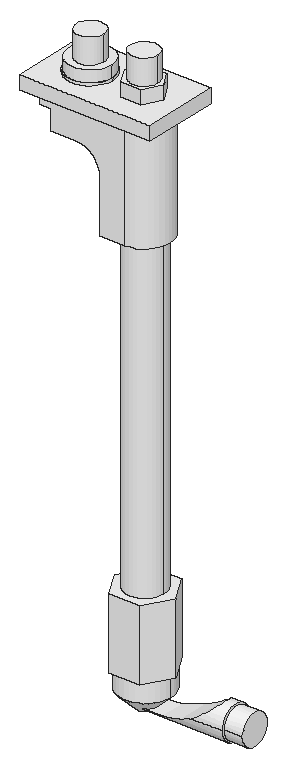
Revit family "HY-1000", category Plumbing Fixtures, host Face, Revit 2026
Family settings
  Host = Face
  Round Connector Dimension = Use Diameter
  Part Type = Normal
  Classification Number = 23.45.55.21
  Enable Cutting in Views = No
  Cut with Voids When Loaded = No
  Maintain Annotation Orientation = No
  Shared = No
  Room Calculation Point = No
Parameters (values of type "MHY-10-14")
  Wall Thikness = 14.000"
  WFU = 0
  URL = "www.mifab.com"
  Model = "MHY-10"
  Manufacturer = "MIFAB"
  Hydrant Material = Chrome Plated
  Description = "Non-Freeze Wall Hydrant"
  Default Elevation = 0.000"
Types (12): name | Wall Thikness
  (no name) | 14.000"
  MHY-10-4 | 4.000"
  MHY-10-6 | 6.000"
  MHY-10-8 | 8.000"
  MHY-10-10 | 10.000"
  MHY-10-12 | 12.000"
  MHY-10-14 | 14.000"
  MHY-10-16 | 16.000"
  MHY-10-18 | 18.000"
  MHY-10-20 | 20.000"
  MHY-10-22 | 22.000"
  MHY-10-24 | 24.000"
Reference planes (in)
  plane 1 "Center (Front/Back)": y = 0
  plane 2: z = 0
  plane 3 "Center (Left/Right)": x = 0
  plane 4: z = -15.7
  plane 5: z = -19.2
  plane 6: z = -1.7
  plane 7: z = -5.364
  plane 8: x = 0.966
Forms (in)
  Extrusion 1, solid, material "Chrome Plated" <- "Hydrant Material"
    sketch origin (-0.41379, 0, -10.36788) x (1, 0, 0) y (0, 1, 0)
      loop
        circle (1.38, 0) r 0.625
    from -5.33212 to 5.00388
  Extrusion 2, solid, material "Chrome Plated" <- "Hydrant Material"
    sketch origin (-0.41379, 0, -18.00514) x (1, 0, 0) y (0, 1, 0)
      loop
        arc (1.38, -0.8125) -> (2.1925, 0) -> (1.38, 0.8125) r 0.8125
        line (1.38, 0.8125) -> (1.38, -0.8125)
    from 12.64114 to 16.30514
  Extrusion 3, solid, material "Chrome Plated" <- "Hydrant Material"
    sketch origin (-0.41379, 0, -18.00514) x (1, 0, 0) y (0, 0, 1)
      loop
        line (-1.398, 16.30514) -> (-1.398, 15.83003) -> (-1.055, 15.78703) -> (-1.055, 15.1529) -> (-0.24047, 15.1529)
        arc (-0.24047, 15.1529) -> (0.31997, 14.92075) -> (0.55211, 14.36031) r 0.79258
        line (0.55211, 14.36031) -> (0.55211, 12.64114) -> (1.38, 12.64114) -> (1.38, 16.30514) -> (-1.398, 16.30514)
    from -0.8125 to 0.8125
  Extrusion 4, solid, material "Chrome Plated" <- "Hydrant Material"
    sketch origin (-0.41379, 0, -10.36788) x (1, 0, 0) y (0, 1, 0)
      loop
        line (-1.71121, -1.25) -> (2.53879, -1.25) -> (2.53879, 1.25) -> (-1.71121, 1.25) -> (-1.71121, -1.25)
    from 8.66788 to 9.11788
  Extrusion 5, solid, material "Chrome Plated" <- "Hydrant Material"
    sketch origin (-10.41379, 0, -10.36788) x (0, 1, 0) y (0, 0, 1)
      loop
        circle (0, -8.28002) r 0.55209
    from 14.36303 to 11.5
  Extrusion 6, void
    sketch origin (-0.94551, 0, -10.42881) x (1, 0, 0) y (0, 0, 1)
      loop
        arc (2.03172, -8.6019) -> (3.49163, -8.39304) -> (4.7131, -7.56661) r 3.28541
        line (4.7131, -7.56661) -> (2.03172, -7.56661) -> (2.03172, -8.6019)
    from -0.8125 to 0.95974
  Extrusion 7, solid, material "Chrome Plated" <- "Hydrant Material"
    sketch origin (-0.95076, 0, -10.36788) x (0, 1, 0) y (0, 0, 1)
      loop
        circle (0, -8.28002) r 0.5
    from 4.9 to 5.5
  Revolve 8, solid, material "Chrome Plated" <- "Hydrant Material"
    sketch origin (0, 0, 0) x (1, 0, 0) y (0, 0, 1)
      loop
        line (0.98038, -15.7) -> (0.13816, -15.7) -> (0.13816, -18.65891) -> (0.69025, -19.2) -> (0.98038, -19.2) -> (0.98038, -15.7)
      axis (0.98038, -15.7) -> (0.98038, -19.2)
    angle from 0 to 360
  Extrusion 9, solid, material "Chrome Plated" <- "Hydrant Material"
    sketch origin (-8.22916, -180, -15.7) x (0, -1, 0) y (-1, 0, 0)
      loop
        line (-180.88671, -9.69718) -> (-179.96366, -10.2301) -> (-179.10612, -9.735) -> (-179.10612, -8.73898) -> (-180, -8.2229) -> (-180.88671, -8.73484) -> (-180.88671, -9.69718)
    from 0 to 2.29542
  Extrusion 10, solid, material "Chrome Plated" <- "Hydrant Material"
    sketch origin (-0.44319, 0, -17.55514) x (1, 0, 0) y (0, 1, 0)
      loop
        circle (-0.38412, 0) r 0.739
    from 16.30514 to 16.37894
  Extrusion 11, solid, material "Chrome Plated" <- "Hydrant Material"
    sketch origin (-0.44319, 0, -17.55514) x (1, 0, 0) y (0, 1, 0)
      loop
        circle (-0.38412, 0) r 0.70723
    from 16.37894 to 16.74065
  Extrusion 12, solid, material "Chrome Plated" <- "Hydrant Material"
    sketch origin (-0.44319, 0, -17.55514) x (1, 0, 0) y (0, 1, 0)
      loop
        circle (-0.38412, 0) r 0.444
    from 16.74065 to 17.55514
  Extrusion 13, solid, material "Chrome Plated" <- "Hydrant Material"
    sketch origin (-0.44319, 0, -17.55514) x (1, 0, 0) y (0, 1, 0)
      loop
        line (0.7505, 0) -> (1.06525, -0.54516) -> (1.69475, -0.54516) -> (2.0095, 0) -> (1.69475, 0.54516) -> (1.06525, 0.54516) -> (0.7505, 0)
    from 16.30514 to 16.74065
  Extrusion 14, solid, material "Chrome Plated" <- "Hydrant Material"
    sketch origin (1.32093, 0, -17.55514) x (1, 0, 0) y (0, 1, 0)
      loop
        circle (-0.38412, 0) r 0.444
    from 16.74065 to 17.55514
Cuts and joins
  Extrusion 6 cuts Extrusion 5
  joined: Extrusion 1, Extrusion 2, Extrusion 3, Extrusion 4, Extrusion 5, Extrusion 7, Revolve 8, Extrusion 9, Extrusion 10, Extrusion 11, Extrusion 12, Extrusion 13, Extrusion 14
Lines and regions (in)
  symbolic lines
    curve 1: line (-2.125, 1.25, -15.7) -> (2.125, 1.25, -15.7)
    curve 2: line (-2.125, -1.25, -15.7) -> (-2.125, 1.25, -15.7)
    curve 3: line (2.125, -1.25, -15.7) -> (-2.125, -1.25, -15.7)
    curve 4: line (2.125, 1.25, -15.7) -> (2.125, -1.25, -15.7)
Dimensions and locks (in)
  Extrusion 6 sketch curve to Extrusion 6 sketch curve = 1.03528"
  locked: plane 4 to plane 5 at 3.5
  locked: Revolve 8 sketch curve to Revolve 8 sketch curve at 2.95891
  locked: Revolve 8 sketch curve to Revolve 8 sketch curve at 0.29013
  locked: plane 6 to plane 7 at 3.664
  plane 3 "Center (Left/Right)" to plane 8 = 0.966"
  locked: cut or joined group 1 (Extrusion 1, Extrusion 2, Extrusion 3, Extrusion 4, Extrusion 5, Extrusion 6, Extrusion 7, Revolve 8, Extrusion 9, Extrusion 10, Extrusion 11, Extrusion 12, Extrusion 13, Extrusion 14) to cut or joined group 1 at 0.45
  "Wall Thikness": plane 6 to plane 4
  Extrusion 4 sketch curve to Extrusion 4 sketch curve = 4.250"
  Extrusion 4 sketch curve to plane 1 "Center (Front/Back)" to Extrusion 4 sketch curve = 1.250", 1.250"
  aligned and locked: plane 2 to host face
  aligned and locked: level to host face
  aligned and locked: Extrusion 3 to Extrusion 1
  aligned and locked: Extrusion 2 to Extrusion 1
  aligned and locked: Extrusion 3 to Extrusion 2
  aligned and locked: Extrusion 6 to Extrusion 2
  aligned and locked: Extrusion 1 to plane 4
  aligned and locked: Extrusion 2 to plane 7
  aligned and locked: Extrusion 9 to Extrusion 6
  aligned and locked: Extrusion 10 to Extrusion 13
  aligned and locked: Extrusion 11 to Extrusion 10
  aligned and locked: Extrusion 11 to Extrusion 12
  aligned and locked: Extrusion 12 to Extrusion 13
  aligned and locked: Extrusion 11 to Extrusion 14
  aligned and locked: Extrusion 13 to Extrusion 11
  aligned and locked: Extrusion 2 to Extrusion 3
  aligned and locked: Extrusion 4 to Extrusion 2
  aligned and locked: Extrusion 4 to Extrusion 10
  aligned and locked: Extrusion 13 to cut or joined group 1
  aligned and locked: Extrusion 10 to cut or joined group 1
  aligned and locked: level to Extrusion 12
  aligned and locked: level to Extrusion 14
  aligned and locked: curve 1 to cut or joined group 1
  aligned and locked: curve 2 to cut or joined group 1
  aligned and locked: curve 3 to cut or joined group 1
  aligned and locked: curve 4 to cut or joined group 1
Automatic sketch dimensions
  host sketch curve to host sketch curve = 20.58785"
  host sketch curve to host sketch curve = 16.42037"
  plane 1 "Center (Front/Back)" to Extrusion 1 sketch curve = 0.000"
  plane 3 "Center (Left/Right)" to Extrusion 1 sketch curve = 0.96621"
  plane 3 "Center (Left/Right)" to Extrusion 2 sketch curve = 0.96621"
  plane 1 "Center (Front/Back)" to Extrusion 2 sketch curve = 0.8125"
  plane 1 "Center (Front/Back)" to Extrusion 2 sketch curve = 0.000"
  Extrusion 3 sketch curve to plane 6 = 0.000"
  Extrusion 3 sketch curve to plane 7 = 0.000"
  Extrusion 3 sketch curve to plane 3 "Center (Left/Right)" = 1.81179"
  plane 3 "Center (Left/Right)" to Extrusion 3 sketch curve = 0.13832"
  plane 7 to Extrusion 3 sketch curve = 1.71917"
  Extrusion 3 sketch curve to Extrusion 3 sketch curve = 0.343"
  Extrusion 3 sketch curve to plane 3 "Center (Left/Right)" = 0.65426"
  plane 3 "Center (Left/Right)" to Extrusion 3 sketch curve = 0.96621"
  Extrusion 3 sketch curve to plane 6 = 0.51811"
  Extrusion 3 sketch curve to Extrusion 3 sketch curve = 0.043"
  Extrusion 5 sketch curve to plane 1 "Center (Front/Back)" = 0.000"
  plane 5 to Extrusion 5 sketch curve = 0.55209"
  plane 3 "Center (Left/Right)" to Extrusion 6 sketch curve = 1.08621"
  plane 5 to Extrusion 6 sketch curve = 0.16929"
  Extrusion 6 sketch curve to Extrusion 6 sketch curve = 2.68138"
  Extrusion 6 sketch curve to plane 4 = 0.05696"
  Extrusion 7 sketch curve to plane 1 "Center (Front/Back)" = 0.000"
  plane 5 to Extrusion 7 sketch curve = 0.55209"
  Revolve 8 sketch curve to plane 4 = 0.000"  (x2)
  Revolve 8 sketch curve to plane 5 = 0.000"
  plane 3 "Center (Left/Right)" to Revolve 8 sketch curve = 0.13816"
  plane 3 "Center (Left/Right)" to Revolve 8 sketch curve = 0.69025"
  plane 3 "Center (Left/Right)" to Revolve 8 sketch curve = 0.98038"
  Revolve 8 sketch curve to plane 5 = 1.739"
  plane 1 "Center (Front/Back)" to Extrusion 9 sketch curve = 0.000"
  Extrusion 9 sketch curve to plane 3 "Center (Left/Right)" = 0.00626"
  Extrusion 9 sketch curve to plane 1 "Center (Front/Back)" = 0.88671"
  plane 1 "Center (Front/Back)" to Extrusion 9 sketch curve = 0.03634"
  plane 1 "Center (Front/Back)" to Extrusion 9 sketch curve = 0.89388"
  Extrusion 9 sketch curve to plane 8 = 0.46032"
  Extrusion 9 sketch curve to plane 8 = 0.45618"
  plane 8 to Extrusion 9 sketch curve = 0.50202"
  plane 8 to Extrusion 9 sketch curve = 0.53985"
  Extrusion 9 sketch curve to Extrusion 9 sketch curve = 0.4951"
  plane 1 "Center (Front/Back)" to Extrusion 10 sketch curve = 0.000"
  Extrusion 10 sketch curve to plane 3 "Center (Left/Right)" = 0.82731"
  plane 1 "Center (Front/Back)" to Extrusion 11 sketch curve = 0.000"
  Extrusion 11 sketch curve to plane 3 "Center (Left/Right)" = 0.82731"
  plane 1 "Center (Front/Back)" to Extrusion 12 sketch curve = 0.000"
  Extrusion 12 sketch curve to plane 3 "Center (Left/Right)" = 0.82731"
  plane 1 "Center (Front/Back)" to Extrusion 13 sketch curve = 0.000"  (x2)
  plane 3 "Center (Left/Right)" to Extrusion 13 sketch curve = 0.30731"
  plane 1 "Center (Front/Back)" to Extrusion 13 sketch curve = 0.54516"
  plane 3 "Center (Left/Right)" to Extrusion 13 sketch curve = 0.62206"  (x2)
  Extrusion 13 sketch curve to plane 1 "Center (Front/Back)" = 0.54516"
  Extrusion 13 sketch curve to Extrusion 13 sketch curve = 0.6295"  (x2)
  Extrusion 13 sketch curve to Extrusion 13 sketch curve = 0.31475"
  plane 1 "Center (Front/Back)" to Extrusion 14 sketch curve = 0.000"
  plane 3 "Center (Left/Right)" to Extrusion 14 sketch curve = 0.93681"
  Extrusion 4 sketch curve to plane 3 "Center (Left/Right)" = 2.125"
  radius of Extrusion 1 sketch curve = 0.625"
  radius of Extrusion 5 sketch curve = 0.55209"
  radius of Extrusion 7 sketch curve = 0.500"
  radius of Extrusion 10 sketch curve = 0.739"
  radius of Extrusion 11 sketch curve = 0.70723"
  radius of Extrusion 12 sketch curve = 0.444"
  radius of Extrusion 14 sketch curve = 0.444"
Connectors (in)
  piping at (4.54924, 0, -18.64791), diameter 1
    settings: on Extrusion 7, index 3, connector inside diameter 1", connector length 0.000", flow factor 0, pipe flow 0 GPM, pressure drop 0.00 psi, fitting loss kfactor 0, connector angle 0.00°, fixture units 0, engagement length 0.000", angle of deflection 0.00°, flow configuration 0, flow direction 0, fitting loss method 0, system type 7, joint type 0, gender type 0, connector reference index -1, connector utility 0, adjustable connector no, is connector primary yes, connector description "INLET"
  piping at (-0.82731, 0, 0), diameter 1.5
    settings: on cut or joined group 1, index 4, connector inside diameter 1 1/2", connector length 0.000", flow factor 0, pipe flow 0 GPM, pressure drop 0.00 psi, fitting loss kfactor 0, connector angle 0.00°, fixture units 0, engagement length 0.000", angle of deflection 0.00°, flow configuration 0, flow direction 0, fitting loss method 0, system type 7, joint type 0, gender type 0, connector reference index -1, connector utility 0, adjustable connector no, is connector primary no, connector description "MALE HOSE"
